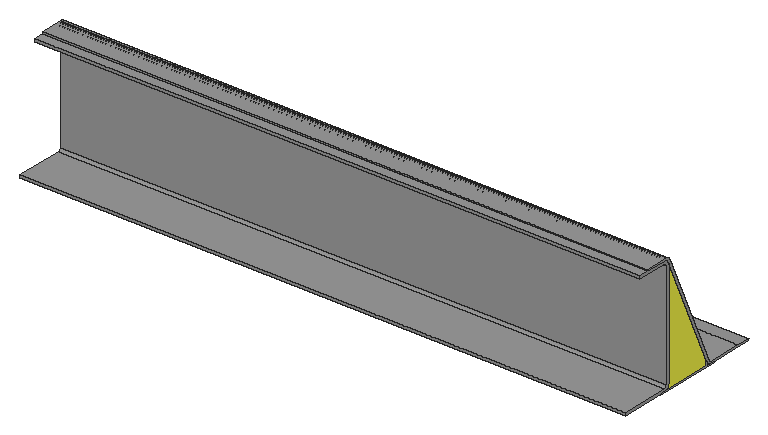
Revit family "XCFS K 110", category Generic Models, Revit 2014
Parameters (values of type "Max lintel length 4800mm")
  URL = "http://www.keystonelintels.co.uk"
  Structural Opening [instance] = 900 mm
  Structural Performance = "The Keystone lintel range has safe working loads as detailed in each applicable loading table in the Keystone Lintel Guide brochure. The structural performance figures within each table have been ascertained by testing in accordance with the requirements of standards BS EN 5977-2: 1983 and BS EN 845-2: 2003."
  RIBA Productor Selector = "available for Keystone Lintels Ltd from Keystone Lintels Ltd from ribaproductselector.com"
  Model = "XCFS/K 110"
  Min Length = 600 mm
  Min Clear Span = 300 mm
  Max Length = 4800 mm
  Max Clear Span = 4800 mm
  Material - Stainless Steel = "Grade 304 2b 1.4307 to BS EN 10088-2. Other grades available on request: contact manufacturer."
  Material - Galvanised Steel = "To BS EN 10346: 2009. DX51D plus Z600 or grade Z275 to BS 5977-2: 1983 (BS EN 845-2: 2003)."
  Manufacturer = "Keystone"
  Manufactured Length [instance] = (roundup(Effective Length / 150 mm) * 150 mm)  # 1200 mm
  Lintel height [instance] = 2100 mm
  Keynote = "F30/755"
  Fire Performance = "Keystone lintels have been subjected to a fire test (WARRES No. 101263) in accordance with BS 476-20: 1987, at Exova Warrington Fire and achieved a one hour fire performance."
  End Bearing = 150 mm
  Effective Length [instance] = Clear Opening with MIN MAX set + End Bearing * 2  # 1200 mm
  Corrosion = "Keystone’s standard range of lintels are manufactured from high quality grade pre-galvanized carbon steel with a zinc coating of 600"
  Contact Tel = "+44 (0)28 8676 2184"
  Contact Email = "info@keystonelintels.co.uk"
  Clear Opening with MIN MAX set [instance] = if(Structural Opening < Min Clear Span, Min Clear Span, (if(Structural Opening > Max Clear Span, Max Clear Span, Structural Opening)))  # 900 mm
  CPD Information = "Available for Keystone Lintels Ltd from ribacpd.com"
Reference planes
  plane 1 "Center (Front/Back)": y = 0
  plane 2: z = 0
  plane 3 "Center (Left/Right)": x = 0
  plane 4: x = -600
  plane 5: x = 600
  plane 6: z = 2100
  plane 7: x = -450
  plane 8: x = 450
Forms (mm)
  Extrusion 1, solid, material "Steel"
    sketch origin (0, 715.625, -493.091) x (0, 1, 0) y (0, 0, 1)
      loop
        line (-590.523, 2593.091) -> (-565.578, 2592.24) -> (-565.468, 2595.438) -> (-590.468, 2596.291) -> (-659.401, 2596.291)
        arc (-659.401, 2596.291) -> (-662.682, 2597.519) -> (-664.353, 2600.599) r 5
        line (-664.353, 2600.599) -> (-760.746, 2822.697)
        arc (-760.746, 2822.697) -> (-763.722, 2826.816) -> (-768.553, 2828.391) r 8.2
        line (-768.553, 2828.391) -> (-813.891, 2828.391) -> (-813.891, 2825.191) -> (-768.553, 2825.191)
        arc (-768.553, 2825.191) -> (-765.596, 2824.222) -> (-763.784, 2821.692) r 5
        line (-763.784, 2821.692) -> (-667.467, 2599.814)
        arc (-667.467, 2599.814) -> (-664.651, 2594.992) -> (-659.401, 2593.091) r 8.2
        line (-659.401, 2593.091) -> (-590.523, 2593.091)
    from -600 to 600
  Extrusion 2, solid, material "Steel"
    sketch origin (0, 715.625, -493.091) x (0, 1, 0) y (0, 0, 1)
      loop
        arc (-773.504, 2593.091) -> (-766.433, 2596.02) -> (-763.504, 2603.091) r 10
        line (-763.504, 2603.091) -> (-763.504, 2815.191)
        arc (-763.504, 2815.191) -> (-766.433, 2822.262) -> (-773.504, 2825.191) r 10
        line (-773.504, 2825.191) -> (-833.504, 2825.191) -> (-833.504, 2820.191) -> (-773.504, 2820.191)
        arc (-773.504, 2820.191) -> (-769.968, 2818.727) -> (-768.504, 2815.191) r 5
        line (-768.504, 2815.191) -> (-768.504, 2603.091)
        arc (-768.504, 2603.091) -> (-769.968, 2599.556) -> (-773.504, 2598.091) r 5
        line (-773.504, 2598.091) -> (-868.504, 2598.091) -> (-868.504, 2593.091) -> (-773.504, 2593.091)
    from -600 to 600
  Extrusion 3, solid, material "Insulation"
    sketch origin (0, 715.625, -493.091) x (0, 1, 0) y (0, 0, 1)
      loop
        line (-773.504, 2593.091) -> (-670.004, 2593.091) -> (-670.004, 2601.091) -> (-669.004, 2601.091) -> (-669.004, 2593.091) -> (-659.401, 2593.091)
        arc (-659.401, 2593.091) -> (-664.651, 2594.992) -> (-667.467, 2599.814) r 8.2
        line (-667.467, 2599.814) -> (-763.784, 2821.692)
        arc (-763.784, 2821.692) -> (-765.596, 2824.222) -> (-768.553, 2825.191) r 5
        line (-768.553, 2825.191) -> (-773.504, 2825.191)
        arc (-773.504, 2825.191) -> (-766.433, 2822.262) -> (-763.504, 2815.191) r 10
        line (-763.504, 2815.191) -> (-763.504, 2603.091)
        arc (-763.504, 2603.091) -> (-766.433, 2596.02) -> (-773.504, 2593.091) r 10
    from -600 to 600
  Extrusion 4, solid, material "Steel"
    sketch origin (0, 715.625, -493.091) x (0, 1, 0) y (0, 0, 1)
      loop
        line (-652.004, 2592.091) -> (-652.004, 2593.091) -> (-669.004, 2593.091) -> (-669.004, 2601.091) -> (-670.004, 2601.091) -> (-670.004, 2593.091) -> (-782.004, 2593.091) -> (-782.004, 2592.091) -> (-652.004, 2592.091)
    from -600 to 600
  Extrusion 5, solid, not visible
    sketch origin (0, 933.338, 1228.955) x (0, 1, 0) y (0, 0, 1)
      loop
        line (-590.523, 993.091) -> (-565.578, 992.24) -> (-565.468, 995.438) -> (-590.468, 996.291) -> (-659.401, 996.291)
        arc (-659.401, 996.291) -> (-662.682, 997.519) -> (-664.353, 1000.599) r 5
        line (-664.353, 1000.599) -> (-760.746, 1222.697)
        arc (-760.746, 1222.697) -> (-763.722, 1226.816) -> (-768.553, 1228.391) r 8.2
        line (-768.553, 1228.391) -> (-813.891, 1228.391) -> (-813.891, 1225.191) -> (-768.553, 1225.191)
        arc (-768.553, 1225.191) -> (-765.596, 1224.222) -> (-763.784, 1221.692) r 5
        line (-763.784, 1221.692) -> (-667.467, 999.814)
        arc (-667.467, 999.814) -> (-664.651, 994.992) -> (-659.401, 993.091) r 8.2
        line (-659.401, 993.091) -> (-590.523, 993.091)
    from 0 to 250
  Extrusion 6, solid, not visible
    sketch origin (0, 695.465, 1424.465) x (0, 1, 0) y (0, 0, 1)
      loop
        arc (-773.504, 993.091) -> (-766.433, 996.02) -> (-763.504, 1003.091) r 10
        line (-763.504, 1003.091) -> (-763.504, 1215.191)
        arc (-763.504, 1215.191) -> (-766.433, 1222.262) -> (-773.504, 1225.191) r 10
        line (-773.504, 1225.191) -> (-833.504, 1225.191) -> (-833.504, 1220.191) -> (-773.504, 1220.191)
        arc (-773.504, 1220.191) -> (-769.968, 1218.727) -> (-768.504, 1215.191) r 5
        line (-768.504, 1215.191) -> (-768.504, 1003.091)
        arc (-768.504, 1003.091) -> (-769.968, 999.556) -> (-773.504, 998.091) r 5
        line (-773.504, 998.091) -> (-868.504, 998.091) -> (-868.504, 993.091) -> (-773.504, 993.091)
    from 0 to 250
  Extrusion 7, solid, not visible
    sketch origin (0, 890.999, 989.724) x (0, 1, 0) y (0, 0, 1)
      loop
        line (-652.004, 992.091) -> (-652.004, 993.091) -> (-669.004, 993.091) -> (-669.004, 1001.091) -> (-670.004, 1001.091) -> (-670.004, 993.091) -> (-782.004, 993.091) -> (-782.004, 992.091) -> (-652.004, 992.091)
    from 0 to 250
  Extrusion 8, solid, not visible
    sketch origin (0, 466.927, 766.557) x (0, 1, 0) y (0, 0, 1)
      loop
        line (-773.504, 993.091) -> (-670.004, 993.091) -> (-670.004, 1001.091) -> (-669.004, 1001.091) -> (-669.004, 993.091) -> (-659.401, 993.091)
        arc (-659.401, 993.091) -> (-664.651, 994.992) -> (-667.467, 999.814) r 8.2
        line (-667.467, 999.814) -> (-763.784, 1221.692)
        arc (-763.784, 1221.692) -> (-765.596, 1224.222) -> (-768.553, 1225.191) r 5
        line (-768.553, 1225.191) -> (-773.504, 1225.191)
        arc (-773.504, 1225.191) -> (-766.433, 1222.262) -> (-763.504, 1215.191) r 10
        line (-763.504, 1215.191) -> (-763.504, 1003.091)
        arc (-763.504, 1003.091) -> (-766.433, 996.02) -> (-773.504, 993.091) r 10
    from 0 to 250
Dimensions and locks
  equal spacing: plane 4, plane 3 "Center (Left/Right)", plane 5
  "Manufactured Length": plane 4 to plane 5
  "Lintel height": plane 6 to level
  "Structural Opening": plane 7 to plane 8
  equal spacing: plane 7, plane 3 "Center (Left/Right)", plane 8
  aligned and locked: level to plane 2
  aligned and locked: Extrusion 1 to plane 6
  aligned and locked: Extrusion 3 to plane 6
  aligned and locked: Extrusion 2 to plane 6
  aligned and locked: plane 6 to Extrusion 4
  aligned and locked: plane 5 to Extrusion 2
  aligned and locked: Extrusion 2 to plane 4
  aligned and locked: plane 5 to Extrusion 1
  aligned and locked: Extrusion 1 to plane 4
  aligned and locked: plane 5 to Extrusion 3
  aligned and locked: Extrusion 3 to plane 4
  aligned and locked: plane 5 to Extrusion 4
  aligned and locked: Extrusion 4 to plane 4
Automatic sketch dimensions
  Extrusion 1 sketch curve to Extrusion 1 sketch curve = 24.945 mm
  Extrusion 1 sketch curve to Extrusion 1 sketch curve = 0.109 mm
  Extrusion 1 sketch curve to Extrusion 1 sketch curve = 0.851 mm
  Extrusion 1 sketch curve to Extrusion 1 sketch curve = 0.055 mm
  Extrusion 1 sketch curve to Extrusion 1 sketch curve = 68.878 mm
  Extrusion 1 sketch curve to Extrusion 1 sketch curve = 0 mm  (x8)
  Extrusion 1 sketch curve to Extrusion 1 sketch curve = 5 mm
  Extrusion 1 sketch curve to Extrusion 1 sketch curve = 8.066 mm
  Extrusion 1 sketch curve to Extrusion 1 sketch curve = 3.114 mm
  Extrusion 1 sketch curve to Extrusion 1 sketch curve = 93.279 mm
  Extrusion 1 sketch curve to Extrusion 1 sketch curve = 222.883 mm
  Extrusion 1 sketch curve to Extrusion 1 sketch curve = 3.038 mm
  Extrusion 1 sketch curve to Extrusion 1 sketch curve = 1.006 mm
  Extrusion 1 sketch curve to Extrusion 1 sketch curve = 4.77 mm
  Extrusion 1 sketch curve to Extrusion 1 sketch curve = 1.5 mm
  Extrusion 1 sketch curve to Extrusion 1 sketch curve = 45.337 mm
  Extrusion 2 sketch curve to Extrusion 2 sketch curve = 95 mm
  Extrusion 2 sketch curve to Extrusion 2 sketch curve = 5 mm  (x3)
  Extrusion 2 sketch curve to Extrusion 2 sketch curve = 212.1 mm
  Extrusion 2 sketch curve to Extrusion 2 sketch curve = 0 mm  (x8)
  Extrusion 2 sketch curve to Extrusion 2 sketch curve = 60 mm
  Extrusion 3 sketch curve to Extrusion 3 sketch curve = 103.5 mm
  Extrusion 3 sketch curve to Extrusion 3 sketch curve = 8 mm
  Extrusion 3 sketch curve to Extrusion 3 sketch curve = 1 mm
  Extrusion 3 sketch curve to Extrusion 3 sketch curve = 0 mm  (x3)
  Extrusion 3 sketch curve to Extrusion 3 sketch curve = 9.603 mm  (x2)
  Extrusion 3 sketch curve to Extrusion 3 sketch curve = 8.2 mm
  Extrusion 3 sketch curve to Extrusion 3 sketch curve = 1.537 mm
  Extrusion 3 sketch curve to Extrusion 3 sketch curve = 228.6 mm
  Extrusion 3 sketch curve to Extrusion 3 sketch curve = 10 mm  (x3)
  Extrusion 3 sketch curve to Extrusion 3 sketch curve = 6.5 mm
  Extrusion 3 sketch curve to Extrusion 3 sketch curve = 4.77 mm
  Extrusion 3 sketch curve to Extrusion 3 sketch curve = 1.5 mm
  Extrusion 3 sketch curve to Extrusion 3 sketch curve = 4.951 mm
  Extrusion 3 sketch curve to Extrusion 3 sketch curve = 1.277 mm
  Extrusion 4 sketch curve to Extrusion 4 sketch curve = 130 mm
  Extrusion 4 sketch curve to Extrusion 4 sketch curve = 1 mm  (x2)
  Extrusion 4 sketch curve to Extrusion 4 sketch curve = 17 mm
  Extrusion 4 sketch curve to Extrusion 4 sketch curve = 8 mm
  Extrusion 4 sketch curve to Extrusion 4 sketch curve = 0 mm
  Extrusion 5 sketch curve to Extrusion 5 sketch curve = 24.945 mm
  Extrusion 5 sketch curve to Extrusion 5 sketch curve = 0.109 mm
  Extrusion 5 sketch curve to Extrusion 5 sketch curve = 0.851 mm
  Extrusion 5 sketch curve to Extrusion 5 sketch curve = 0.055 mm
  Extrusion 5 sketch curve to Extrusion 5 sketch curve = 68.878 mm
  Extrusion 5 sketch curve to Extrusion 5 sketch curve = 0 mm  (x8)
  Extrusion 5 sketch curve to Extrusion 5 sketch curve = 5 mm
  Extrusion 5 sketch curve to Extrusion 5 sketch curve = 8.066 mm
  Extrusion 5 sketch curve to Extrusion 5 sketch curve = 3.114 mm
  Extrusion 5 sketch curve to Extrusion 5 sketch curve = 93.279 mm
  Extrusion 5 sketch curve to Extrusion 5 sketch curve = 222.883 mm
  Extrusion 5 sketch curve to Extrusion 5 sketch curve = 3.038 mm
  Extrusion 5 sketch curve to Extrusion 5 sketch curve = 1.006 mm
  Extrusion 5 sketch curve to Extrusion 5 sketch curve = 4.77 mm
  Extrusion 5 sketch curve to Extrusion 5 sketch curve = 1.5 mm
  Extrusion 5 sketch curve to Extrusion 5 sketch curve = 45.337 mm
  Extrusion 6 sketch curve to Extrusion 6 sketch curve = 95 mm
  Extrusion 6 sketch curve to Extrusion 6 sketch curve = 5 mm  (x3)
  Extrusion 6 sketch curve to Extrusion 6 sketch curve = 0 mm  (x8)
  Extrusion 6 sketch curve to Extrusion 6 sketch curve = 212.1 mm
  Extrusion 6 sketch curve to Extrusion 6 sketch curve = 60 mm
  Extrusion 7 sketch curve to Extrusion 7 sketch curve = 130 mm
  Extrusion 7 sketch curve to Extrusion 7 sketch curve = 1 mm  (x2)
  Extrusion 7 sketch curve to Extrusion 7 sketch curve = 17 mm
  Extrusion 7 sketch curve to Extrusion 7 sketch curve = 8 mm
  Extrusion 7 sketch curve to Extrusion 7 sketch curve = 0 mm
  Extrusion 8 sketch curve to Extrusion 8 sketch curve = 103.5 mm
  Extrusion 8 sketch curve to Extrusion 8 sketch curve = 8 mm
  Extrusion 8 sketch curve to Extrusion 8 sketch curve = 1 mm
  Extrusion 8 sketch curve to Extrusion 8 sketch curve = 0 mm  (x3)
  Extrusion 8 sketch curve to Extrusion 8 sketch curve = 9.603 mm  (x2)
  Extrusion 8 sketch curve to Extrusion 8 sketch curve = 8.2 mm
  Extrusion 8 sketch curve to Extrusion 8 sketch curve = 1.537 mm
  Extrusion 8 sketch curve to Extrusion 8 sketch curve = 228.6 mm
  Extrusion 8 sketch curve to Extrusion 8 sketch curve = 10 mm  (x3)
  Extrusion 8 sketch curve to Extrusion 8 sketch curve = 6.5 mm
  Extrusion 8 sketch curve to Extrusion 8 sketch curve = 4.77 mm
  Extrusion 8 sketch curve to Extrusion 8 sketch curve = 1.5 mm
  Extrusion 8 sketch curve to Extrusion 8 sketch curve = 4.951 mm
  Extrusion 8 sketch curve to Extrusion 8 sketch curve = 1.277 mm
  Extrusion 3 sketch curve to plane 6 = 0 mm
  plane 1 "Center (Front/Back)" to Extrusion 3 sketch curve = 57.879 mm
  Extrusion 2 sketch curve to plane 6 = 0 mm
  plane 1 "Center (Front/Back)" to Extrusion 2 sketch curve = 152.879 mm
  Extrusion 4 sketch curve to plane 6 = 0 mm
  plane 1 "Center (Front/Back)" to Extrusion 4 sketch curve = 66.379 mm
  Extrusion 1 sketch curve to plane 6 = 0 mm
  plane 1 "Center (Front/Back)" to Extrusion 1 sketch curve = 98.265 mm
